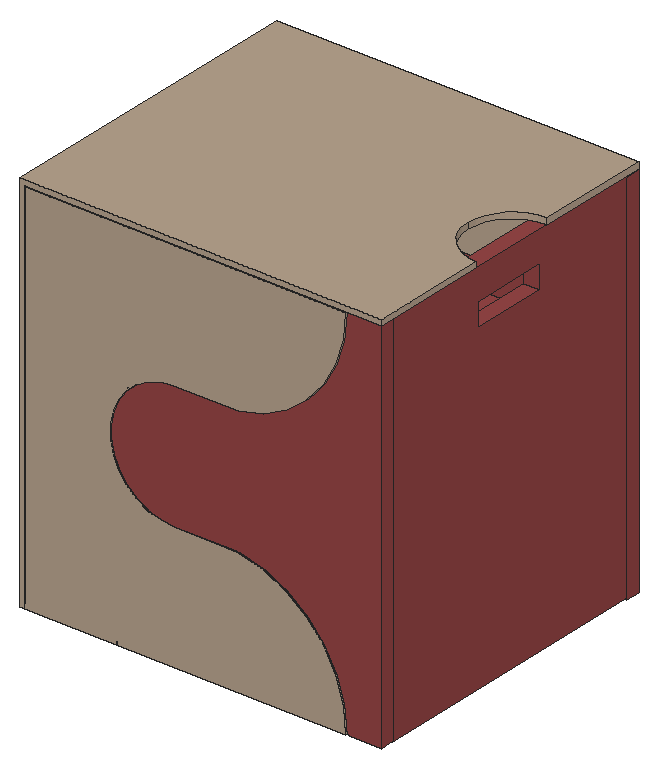
Revit family "square_Chair_ 2 sur 2", category Furniture, Revit 2014
Reference planes (cm)
  plane 1 "Center (Front/Back)": y = 0
  plane 2: z = 0
  plane 3 "Center (Left/Right)": x = 0
Lines and regions (cm)
  Masking region 1
    outline origin (0, 0, 0) x (1, 0, 0) y (0, 1, 0)
      loop
        line (23.0247, -23.9818) -> (23.0247, 19.1618) -> (-25.4753, 19.1618) -> (-25.4753, -23.9818) -> (23.0247, -23.9818)
Dimensions and locks (cm)
  aligned and locked: level to plane 2
Nested families (cm)
  nested 1: "square_Chair_ 2 de 2" at (-2.82, -2.41, 0), type "square_Chair_ Red"
  nested 2: "square_Desk" at (-2.82, -2.41, 0), type "square_Chair_ 1 de 2.0006"
Definition of nested family "square_Chair_ 2 de 2"
  Parameters (values of type "square_Chair_ bleu")
    under kid chair = Legs
    chair paint = Blue
  Types (4, lengths in cm): name | chair paint
    square_Chair_ green | Green
    square_Chair_ bleu | Blue
    square_Chair_ Red | red
    square_Chair_ yellow | yellow
  Reference planes (cm)
    plane 1 "Center (Front/Back)": y = 0
    plane 2: z = 0
    plane 3 "Center (Left/Right)": x = 0
  Forms (cm)
    Sweep 1, solid, material "Blue" <- "chair paint"
      path origin (3.85, 0, 0) x (-1, 0, 0) y (0, 1, 0)
        loop
          line (-14, -19.6546) -> (-14, 19.6546)
      profile origin (17.85, 0, 0) x (-1, 0, 0) y (0, 0, 1)
        loop
          line (-7.9948, 51.879) -> (-7.9948, 1.079) -> (25.5669, 1.079)
          arc (25.5669, 1.079) -> (25.5314, 1.8079) -> (25.4252, 2.53) r 7.5
          line (25.4252, 2.53) -> (-5.8764, 2.53) -> (-5.8764, 29.24) -> (26.54, 29.24)
          arc (26.54, 29.24) -> (27.54, 30.24) -> (26.54, 31.24) r 1
          line (26.54, 31.24) -> (-5.8764, 31.24) -> (-5.8764, 51.879) -> (-7.9948, 51.879)
    SweptBlend 2, solid, material "Blue" <- "chair paint"
      path origin (-0.3405, -1.9172, 0) x (1, 0, 0) y (0, 1, 0)
        loop
          line (-10.4948, -19.6546) -> (-10.4948, -17.6546)
      profile origin (-10.8353, -21.5718, 0) x (-1, 0, 0) y (0, 0, 1)
        loop
          line (-36.68, 51.879) -> (-36.68, 1.079) -> (-32.68, 1.079)
          arc (-32.68, 1.079) -> (-31.9935, 1.3407) -> (-31.6556, 1.9931) r 1.0311
          arc (-31.6556, 1.9931) -> (-27.2929, 12.5224) -> (-17.2867, 17.979) r 17.1183
          line (-17.2867, 17.979) -> (-8.5, 17.979)
          arc (-8.5, 17.979) -> (0, 26.479) -> (-8.5, 34.979) r 8.5
          line (-8.5, 34.979) -> (-17.2867, 34.979)
          arc (-17.2867, 34.979) -> (-27.2929, 40.4356) -> (-31.6556, 50.9649) r 17.1183
          arc (-31.6556, 50.9649) -> (-31.9935, 51.6172) -> (-32.68, 51.879) r 1.0311
          line (-32.68, 51.879) -> (-36.68, 51.879)
      end profile origin (-10.8353, -19.5718, 0) x (-1, 0, 0) y (0, 0, 1)
        loop
          line (-36.68, 51.879) -> (-36.68, 1.079) -> (-32.68, 1.079)
          arc (-32.68, 1.079) -> (-31.9935, 1.3407) -> (-31.6556, 1.9931) r 1.0311
          arc (-31.6556, 1.9931) -> (-27.2929, 12.5224) -> (-17.2867, 17.979) r 17.1183
          line (-17.2867, 17.979) -> (-8.5, 17.979)
          arc (-8.5, 17.979) -> (0, 26.479) -> (-8.5, 34.979) r 8.5
          line (-8.5, 34.979) -> (-17.2867, 34.979)
          arc (-17.2867, 34.979) -> (-27.2929, 40.4356) -> (-31.6556, 50.9649) r 17.1183
          arc (-31.6556, 50.9649) -> (-31.9935, 51.6172) -> (-32.68, 51.879) r 1.0311
          line (-32.68, 51.879) -> (-36.68, 51.879)
    SweptBlend 3, solid, material "Blue" <- "chair paint"
      path origin (-0.3405, 1.9172, 0) x (1, 0, 0) y (0, -1, 0)
        loop
          line (-10.4948, -19.6546) -> (-10.4948, -17.6546)
      profile origin (-10.8353, 21.5718, 0) x (1, 0, 0) y (0, 0, 1)
        loop
          line (36.68, 51.6723) -> (32.68, 51.6723)
          arc (32.68, 51.6723) -> (31.9935, 51.4105) -> (31.6556, 50.7582) r 1.0311
          arc (31.6556, 50.7582) -> (27.2929, 40.2288) -> (17.2867, 34.7723) r 17.1183
          line (17.2867, 34.7723) -> (8.5, 34.7723)
          arc (8.5, 34.7723) -> (0, 26.2723) -> (8.5, 17.7723) r 8.5
          line (8.5, 17.7723) -> (17.2867, 17.7723)
          arc (17.2867, 17.7723) -> (27.2929, 12.3157) -> (31.6556, 1.7864) r 17.1183
          arc (31.6556, 1.7864) -> (31.9935, 1.134) -> (32.68, 0.8723) r 1.0311
          line (32.68, 0.8723) -> (36.68, 0.8723) -> (36.68, 51.6723)
      end profile origin (-10.8353, 19.5718, 0) x (1, 0, 0) y (0, 0, 1)
        loop
          line (36.68, 51.6723) -> (32.68, 51.6723)
          arc (32.68, 51.6723) -> (31.9935, 51.4105) -> (31.6556, 50.7582) r 1.0311
          arc (31.6556, 50.7582) -> (27.2929, 40.2288) -> (17.2867, 34.7723) r 17.1183
          line (17.2867, 34.7723) -> (8.5, 34.7723)
          arc (8.5, 34.7723) -> (0, 26.2723) -> (8.5, 17.7723) r 8.5
          line (8.5, 17.7723) -> (17.2867, 17.7723)
          arc (17.2867, 17.7723) -> (27.2929, 12.3157) -> (31.6556, 1.7864) r 17.1183
          arc (31.6556, 1.7864) -> (31.9935, 1.134) -> (32.68, 0.8723) r 1.0311
          line (32.68, 0.8723) -> (36.68, 0.8723) -> (36.68, 51.6723)
    Extrusion 4, solid, material "Legs" <- "under kid chair"
      sketch origin (17.4089, -40, 0) x (1, 0, 0) y (0, 1, 0)
        loop
          circle (-22, 56.3838) r 2
      from 0 to 1.079
    Extrusion 5, solid, material "Legs" <- "under kid chair"
      sketch origin (40.9089, -40, 0) x (1, 0, 0) y (0, 1, 0)
        loop
          circle (-22, 56.3838) r 2
      from 0 to 1.079
    Extrusion 6, solid, material "Legs" <- "under kid chair"
      sketch origin (17.4089, 40.5, 0) x (1, 0, 0) y (0, 1, 0)
        loop
          circle (-22, -56.3838) r 2
      from 0 to 1.079
    Extrusion 7, solid, material "Legs" <- "under kid chair"
      sketch origin (40.9089, 40.5, 0) x (1, 0, 0) y (0, 1, 0)
        loop
          circle (-22, -56.3838) r 2
      from 0 to 1.079
    Extrusion 8, void
      sketch origin (0, 4.2957, 0) x (1, 0, 0) y (0, 1, 0)
        loop
          line (15.4652, 0.7043) -> (15.4652, -9.7521) -> (29.4652, -9.7521) -> (29.4652, 0.7043) -> (15.4652, 0.7043)
      from 44.5883 to 47.7573
  Cuts and joins
    Extrusion 8 cuts Sweep 1
  Dimensions and locks (cm)
    aligned and locked: level to plane 2
Definition of nested family "square_Desk"
  Parameters (values of type "square_Chair_ 1 de 2.0006")
    under kid chair = under kid chair
    table = table kid paint
  Reference planes (cm)
    plane 1 "Center (Front/Back)": y = 0
    plane 2: z = 0
    plane 3 "Center (Left/Right)": x = 0
  Forms (cm)
    SweptBlend 1, solid, material "table kid paint" <- "table"
      path origin (-1.9948, -0.0646, 0) x (1, 0, 0) y (0, 1, 0)
        loop
          line (-7, -21.59) -> (-7, -19.59)
      profile origin (-8.9948, -21.6546, 0) x (-1, 0, 0) y (0, 0, 1)
        loop
          line (13, 1.079) -> (13, 51.879) -> (-30.18, 51.879)
          arc (-30.18, 51.879) -> (-26.094, 40.7797) -> (-15.7867, 34.979) r 17.1183
          line (-15.7867, 34.979) -> (-7, 34.979)
          arc (-7, 34.979) -> (1.5, 26.479) -> (-7, 17.979) r 8.5
          line (-7, 17.979) -> (-15.7867, 17.979)
          arc (-15.7867, 17.979) -> (-26.094, 12.1783) -> (-30.18, 1.079) r 17.1183
          line (-30.18, 1.079) -> (13, 1.079)
      end profile origin (-8.9948, -19.6546, 0) x (-1, 0, 0) y (0, 0, 1)
        loop
          line (13, 1.079) -> (13, 51.879) -> (-30.18, 51.879)
          arc (-30.18, 51.879) -> (-26.094, 40.7797) -> (-15.7867, 34.979) r 17.1183
          line (-15.7867, 34.979) -> (-7, 34.979)
          arc (-7, 34.979) -> (1.5, 26.479) -> (-7, 17.979) r 8.5
          line (-7, 17.979) -> (-15.7867, 17.979)
          arc (-15.7867, 17.979) -> (-26.094, 12.1783) -> (-30.18, 1.079) r 17.1183
          line (-30.18, 1.079) -> (13, 1.079)
    SweptBlend 2, solid, material "table kid paint" <- "table"
      path origin (-1.9948, 0.0646, 0) x (1, 0, 0) y (0, -1, 0)
        loop
          line (-7, -21.59) -> (-7, -19.59)
      profile origin (-8.9948, 21.6546, 0) x (1, 0, 0) y (0, 0, 1)
        loop
          line (-13, 1.079) -> (30.18, 1.079)
          arc (30.18, 1.079) -> (26.094, 12.1783) -> (15.7867, 17.979) r 17.1183
          line (15.7867, 17.979) -> (7, 17.979)
          arc (7, 17.979) -> (-1.5, 26.479) -> (7, 34.979) r 8.5
          line (7, 34.979) -> (15.7867, 34.979)
          arc (15.7867, 34.979) -> (26.094, 40.7797) -> (30.18, 51.879) r 17.1183
          line (30.18, 51.879) -> (-13, 51.879) -> (-13, 1.079)
      end profile origin (-8.9948, 19.6546, 0) x (1, 0, 0) y (0, 0, 1)
        loop
          line (-13, 1.079) -> (30.18, 1.079)
          arc (30.18, 1.079) -> (26.094, 12.1783) -> (15.7867, 17.979) r 17.1183
          line (15.7867, 17.979) -> (7, 17.979)
          arc (7, 17.979) -> (-1.5, 26.479) -> (7, 34.979) r 8.5
          line (7, 34.979) -> (15.7867, 34.979)
          arc (15.7867, 34.979) -> (26.094, 40.7797) -> (30.18, 51.879) r 17.1183
          line (30.18, 51.879) -> (-13, 51.879) -> (-13, 1.079)
    Sweep 3, solid, material "table kid paint"
      path origin (0, 0, 0) x (1, 0, 0) y (0, 1, 0)
        loop
          line (25.8447, 21.5718) -> (25.8447, -21.5718)
      profile origin (25.8447, 0, 0) x (1, 0, 0) y (0, 0, 1)
        loop
          line (0, 51.879) -> (0, 52.6723) -> (-48.5, 52.6723) -> (-48.5, 1.079) -> (-35.4857, 1.079) -> (-35.4857, 1.6004) -> (-47.8395, 1.6004) -> (-47.8395, 51.879) -> (0, 51.879)
    Extrusion 4, void
      sketch origin (0, 0, 0) x (1, 0, 0) y (0, 0, 1)
        loop
          line (-6.8742, 44.5407) -> (-6.8742, 47.9295) -> (-24.8742, 47.9295) -> (-24.8742, 44.5407) -> (-6.8742, 44.5407)
      from -5.1265 to 5.2408
    Extrusion 5, solid, material "under kid chair" <- "under kid chair"
      sketch origin (8.5555, -40, 0) x (1, 0, 0) y (0, 1, 0)
        loop
          circle (-22, 56.3838) r 2
      from 0 to 1.079
    Extrusion 6, solid, material "under kid chair" <- "under kid chair"
      sketch origin (8.5555, 40.5, 0) x (1, 0, 0) y (0, 1, 0)
        loop
          circle (-22, -56.3838) r 2
      from 0 to 1.079
    Extrusion 7, void
      sketch origin (18.9695, -6.0506, 0) x (1, 0, 0) y (0, 1, 0)
        loop
          circle (7.0199, 6.308) r 6
      from 0 to 100
  Cuts and joins
    Extrusion 4 cuts SweptBlend 1
    Extrusion 4, Extrusion 7 cuts Sweep 3
  Dimensions and locks (cm)
    cut or joined group of Sweep 3, Extrusion 4, Extrusion 7 to cut or joined group of Sweep 3, Extrusion 4, Extrusion 7 = 10.3673 cm
    aligned and locked: level to plane 2
